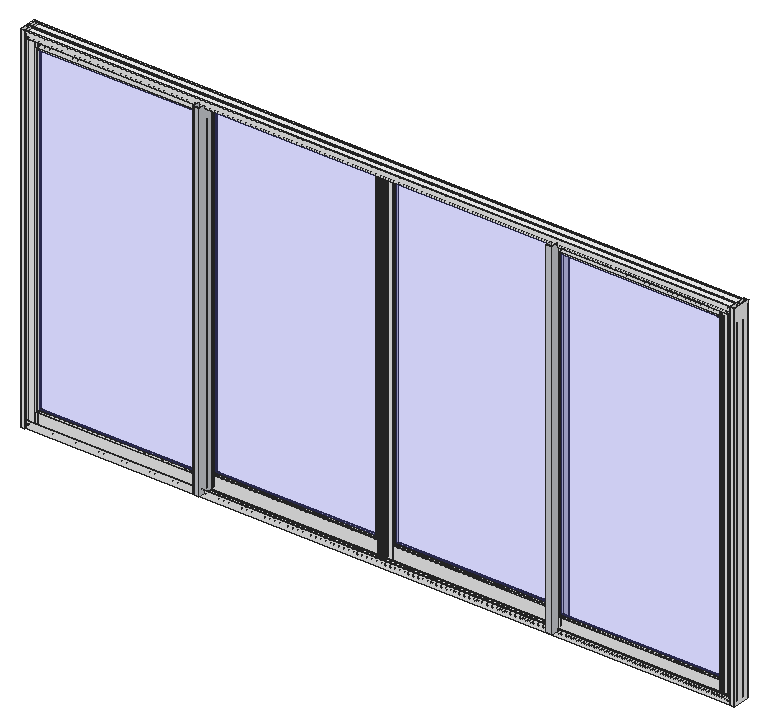
Revit family "Palace_Multi_OXXO_Standard", category Doors, host Wall, Revit 2014 (continued)
Definition of nested family "Palace_Sash_Fixed_Palace_OXXO_Std"
  Definition of nested family "Palace_Angled_Glazing_Bead"
    Automatic sketch dimensions
      Sweep 1 sketch curve to Sweep 1 sketch curve = 1.8 mm
      plane 1 "Center (Front/Back)" to Sweep 1 sketch curve = 1.922 mm
      Sweep 1 sketch curve to Sweep 1 sketch curve = 1.122 mm
      Sweep 1 sketch curve to Sweep 1 sketch curve = 2.5 mm
      plane 1 "Center (Front/Back)" to Sweep 1 sketch curve = 0.8 mm
      Sweep 1 sketch curve to Sweep 1 sketch curve = 0.456 mm
      Sweep 1 sketch curve to Sweep 1 sketch curve = 1.444 mm
      Sweep 1 sketch curve to Sweep 1 sketch curve = 0.924 mm
      Sweep 1 sketch curve to Sweep 1 sketch curve = 0.176 mm
      Sweep 1 sketch curve to Sweep 1 sketch curve = 1.862 mm
      Sweep 1 sketch curve to Sweep 1 sketch curve = 2.478 mm
      Sweep 1 sketch curve to plane 3 "Center (Left/Right)" = 0 mm
      Sweep 1 sketch curve to level = 0 mm
  Definition of nested family "Palace_Double_Glazing_Bead"
    Parameters (values of type "Palace_Double_Glazing_Bead")
      Profile Material [instance] = none
      Bead Width [instance] = 600 mm
      Bead Height [instance] = 900 mm
    Reference planes
      plane 1 "Center (Front/Back)": y = 0
      plane 2: z = 0
      plane 3 "Center (Left/Right)": x = 0
    Forms (mm)
      Sweep 1, solid, material <- "Profile Material"
        path origin (0, 0, 0) x (1, 0, 0) y (0, 0, 1)
          loop
            line (0, 0) -> (600, 0) -> (600, 900) -> (0, 900) -> (0, 0)
        profile origin (300, 0, 0) x (0, 0, 1) y (0, -1, 0)
          loop
            line (1.6, 21.9) -> (7.5, 21.9) -> (7.5, 18.8) -> (9.35, 18.8)
            arc (9.35, 18.8) -> (9.75, 19.2) -> (9.35, 19.6) r 0.4
            line (9.35, 19.6) -> (8.55, 19.6) -> (8.55, 21.9) -> (13.95, 21.9) -> (13.95, 19.6) -> (13.15, 19.6)
            arc (13.15, 19.6) -> (12.75, 19.2) -> (13.15, 18.8) r 0.4
            line (13.15, 18.8) -> (15, 18.8) -> (15, 23.5) -> (0, 23.5) -> (0, 15.9) -> (-1.387, 15.9) -> (-1.387, 16.7)
            arc (-1.387, 16.7) -> (-2.102, 16.411) -> (-2.4, 15.7) r 1
            line (-2.4, 15.7) -> (-2.4, 0.5)
            arc (-2.4, 0.5) -> (-1.9, 0) -> (-1.4, 0.5) r 0.5
            line (-1.4, 0.5) -> (-1.4, 3.5) -> (-0.4, 3.5) -> (-0.4, 14.5) -> (1.6, 14.5) -> (1.6, 21.9)
    Lines and regions (mm)
      symbolic lines
        curve 1: line (15, 0, 15) -> (15, 0, -3.262)
        curve 2: line (585, 0, 15) -> (585, 0, -2.637)
        curve 3: line (585, 0, 885) -> (585, 0, 902.012)
        curve 4: line (15, 0, 885) -> (15, 0, 902.325)
    Dimensions and locks
      "Bead Width": Sweep 1 sketch curve to Sweep 1 sketch curve
      "Bead Height": Sweep 1 sketch curve to Sweep 1 sketch curve
      aligned and locked: level to plane 2
      aligned and locked: Sweep 1 to curve 3  (x2)
      aligned and locked: Sweep 1 to curve 4
      aligned and locked: curve 4 to Sweep 1
      aligned and locked: Sweep 1 to curve 1
      aligned and locked: curve 1 to Sweep 1
      aligned and locked: Sweep 1 to curve 2
      aligned and locked: curve 2 to Sweep 1
    Automatic sketch dimensions
      profile plane to Sweep 1 sketch curve = 2.4 mm
      Sweep 1 sketch curve to Sweep 1 sketch curve = 0.5 mm
      Sweep 1 sketch curve to Sweep 1 sketch curve = 1 mm  (x2)
      Sweep 1 sketch curve to Sweep 1 sketch curve = 0.012 mm
      Sweep 1 sketch curve to Sweep 1 sketch curve = 1.387 mm
      Sweep 1 sketch curve to Sweep 1 sketch curve = 1.6 mm  (x2)
      Sweep 1 sketch curve to Sweep 1 sketch curve = 5.9 mm
      Sweep 1 sketch curve to Sweep 1 sketch curve = 1.05 mm  (x2)
      Sweep 1 sketch curve to Sweep 1 sketch curve = 0.8 mm  (x2)
      Sweep 1 sketch curve to Sweep 1 sketch curve = 3.8 mm
      Sweep 1 sketch curve to Sweep 1 sketch curve = 3 mm
      Sweep 1 sketch curve to Sweep 1 sketch curve = 11 mm
      Sweep 1 sketch curve to Sweep 1 sketch curve = 1.2 mm
      Sweep 1 sketch curve to Sweep 1 sketch curve = 0.2 mm
      Sweep 1 sketch curve to Sweep 1 sketch curve = 4.3 mm
      Sweep 1 sketch curve to Sweep 1 sketch curve = 0 mm  (x2)
      Sweep 1 sketch curve to Sweep 1 sketch curve = 0.4 mm  (x2)
      Sweep 1 sketch curve to Sweep 1 sketch curve = 2.3 mm
      plane 1 "Center (Front/Back)" to Sweep 1 sketch curve = 0.5 mm
      curve 1 to level = 3.262 mm
      curve 2 to level = 2.637 mm
      curve 4 to curve 4 = 17.325 mm
      curve 3 to curve 3 = 17.012 mm
      Sweep 1 sketch curve to plane 3 "Center (Left/Right)" = 0 mm
      Sweep 1 sketch curve to level = 0 mm
  Definition of nested family "Single_Glazing_Palace_OXXO_Std"
    Parameters (values of type "Single_Glazing")
      Glazing Width [instance] = 900 mm
      Glazing Height [instance] = 900 mm
      Right Sliding [instance] = yes
      Length Arrow Tip [instance] = if((Glazing Height - (2 * 50.3 mm)) / 8 > Length Arrow / 3.3, Length Arrow / 3.3, (Glazing Height - (2 * 50.3 mm)) / 8)  # 80.747 mm
      Length Arrow [instance] = (Glazing Width - (2 * 50.3 mm)) / 3  # 266.467 mm
      Left Sliding [instance] = yes
      Is Sliding [instance] = if(or(Right Sliding, Left Sliding), 1 = 1, 1 = 2)  # yes
      Glazing Thickness SG [instance] = 4 mm
      Glazing Material [instance] = Glass
      Double Glazing Gasket Material [instance] = none
      Arrow Tip Length [instance] = if((Glazing Height - (2 * 50.3 mm)) / 8 > Length Arrow / 3.3, Length Arrow / 3.3, (Glazing Height - (2 * 50.3 mm)) / 8)  # 80.747 mm
      Arrow Tip Angle = 45.00°  # constant formula
      Arrow Left Gap [instance] = (Glazing Width - Length Arrow) / 2  # 316.767 mm
      Arrow Bottom Gap [instance] = Glazing Height / 2  # 450 mm
    Reference planes
      plane 1 "Center (Front/Back)": y = 0
      plane 2: z = 0
      plane 3 "Center (Left/Right)": x = 0
    Forms (mm)
      Extrusion 1, solid, material "Glass" <- "Glazing Material"
        sketch origin (0, 0, 0) x (1, 0, 0) y (0, 0, 1)
          loop
            line (0, 0) -> (0, 900) -> (-900, 900) -> (-900, 0) -> (0, 0)
        from 0 to 4 <- "Glazing Thickness SG"
    Lines and regions (mm)
      model lines, visible <- "Is Sliding"
        curve 1: line (-583.233, -4, 450) -> (-316.767, -4, 450)
      model lines, visible <- "Left Sliding"
        curve 2: line (-316.767, -4, 450) -> (-373.864, -4, 507.097)
        curve 3: line (-316.767, -4, 450) -> (-373.864, -4, 392.903)
      model lines, visible <- "Right Sliding"
        curve 4: line (-583.233, -4, 450) -> (-526.136, -4, 507.097)
        curve 5: line (-583.233, -4, 450) -> (-526.136, -4, 392.903)
    Dimensions and locks
      "Length Arrow": curve 1 to curve 1
      "Arrow Left Gap": plane 3 "Center (Left/Right)" to curve 1
      "Arrow Bottom Gap": level to curve 1
      "Arrow Tip Length": curve 3 to curve 2
      "Arrow Tip Length": curve 3 to curve 3
      "Length Arrow Tip": curve 5 to curve 5
      "Length Arrow Tip": curve 5 to curve 4
      "Glazing Width": plane 3 "Center (Left/Right)" to Extrusion 1 sketch curve
      "Glazing Height": Extrusion 1 sketch curve to level
      "Arrow Tip Angle": angle curve 3 to curve 1
      "Arrow Tip Angle": angle curve 1 to curve 2
      "Arrow Tip Angle": angle curve 4 to curve 1
      "Arrow Tip Angle": angle curve 1 to curve 5
      aligned and locked: level to plane 2
      aligned and locked: Extrusion 1 sketch curve to plane 3 "Center (Left/Right)"
      aligned and locked: level to Extrusion 1 sketch curve
  Definition of nested family "Double_Glazing_Palace_OXXO_Std"
    Parameters (values of type "Double_Glazing")
      Glazing Width [instance] = 600 mm
      Glazing Height [instance] = 600 mm
      Right Sliding [instance] = yes
      Length Arrow Tip [instance] = if((Glazing Height - (2 * 50.3 mm)) / 8 > Length Arrow / 3.3, Length Arrow / 3.3, (Glazing Height - (2 * 50.3 mm)) / 8)  # 50.444 mm
      Length Arrow [instance] = (Glazing Width - (2 * 50.3 mm)) / 3  # 166.467 mm
      Left Sliding [instance] = yes
      Is Sliding [instance] = if(or(Right Sliding, Left Sliding), 1 = 1, 1 = 2)  # yes
      Glazing Thickness DG [instance] = 4 mm
      Glazing Material [instance] = Glass
      Double Glazing Gasket Thickness [instance] = 12 mm
      Double Glazing Gasket Material [instance] = none
      Arrow Tip Length [instance] = if((Glazing Height - (2 * 50.3 mm)) / 8 > Length Arrow / 3.3, Length Arrow / 3.3, (Glazing Height - (2 * 50.3 mm)) / 8)  # 50.444 mm
      Arrow Tip Angle = 45.00°  # constant formula
      Arrow Left Gap [instance] = (Glazing Width - Length Arrow) / 2  # 216.767 mm
      Arrow Bottom Gap [instance] = Glazing Height / 2  # 300 mm
    Reference planes
      plane 1 "Center (Front/Back)": y = 0
      plane 2: z = 0
      plane 3 "Center (Left/Right)": x = 0
    Forms (mm)
      Extrusion 1, solid, material "Glass" <- "Glazing Material"
        sketch origin (0, 0, 0) x (1, 0, 0) y (0, 0, 1)
          loop
            line (0, 0) -> (0, 600) -> (-600, 600) -> (-600, 0) -> (0, 0)
        from 0 to 4 <- "Glazing Thickness DG"
      Extrusion 2, solid, material <- "Double Glazing Gasket Material"
        sketch origin (0, -4, 0) x (1, 0, 0) y (0, 0, 1)
          loop
            line (-600, 600) -> (-600, 0) -> (0, 0) -> (0, 600) -> (-600, 600)
          loop
            line (-592, 8) -> (-8, 8) -> (-8, 592) -> (-592, 592) -> (-592, 8)
        from 0 to 12 <- "Double Glazing Gasket Thickness"
      Extrusion 3, solid, material "Glass" <- "Glazing Material"
        sketch origin (0, -16, 0) x (1, 0, 0) y (0, 0, 1)
          loop
            line (-600, 600) -> (-600, 0) -> (0, 0) -> (0, 600) -> (-600, 600)
        from 0 to 4 <- "Glazing Thickness DG"
    Lines and regions (mm)
      model lines, visible <- "Is Sliding"
        curve 1: line (-383.233, -20, 300) -> (-216.767, -20, 300)
      model lines, visible <- "Left Sliding"
        curve 2: line (-216.767, -20, 300) -> (-252.436, -20, 335.67)
        curve 3: line (-216.767, -20, 300) -> (-252.436, -20, 264.33)
      model lines, visible <- "Right Sliding"
        curve 4: line (-383.233, -20, 300) -> (-347.564, -20, 335.67)
        curve 5: line (-383.233, -20, 300) -> (-347.564, -20, 264.33)
    Dimensions and locks
      "Length Arrow": curve 1 to curve 1
      "Arrow Left Gap": plane 3 "Center (Left/Right)" to curve 1
      "Arrow Bottom Gap": level to curve 1
      "Arrow Tip Length": curve 3 to curve 2
      "Arrow Tip Length": curve 3 to curve 3
      "Length Arrow Tip": curve 5 to curve 5
      "Length Arrow Tip": curve 5 to curve 4
      "Glazing Width": plane 3 "Center (Left/Right)" to Extrusion 1 sketch curve
      "Glazing Height": Extrusion 1 sketch curve to level
      "Arrow Tip Angle": angle curve 3 to curve 1
      "Arrow Tip Angle": angle curve 1 to curve 2
      "Arrow Tip Angle": angle curve 4 to curve 1
      "Arrow Tip Angle": angle curve 1 to curve 5
      aligned and locked: level to plane 2
      aligned and locked: Extrusion 1 sketch curve to plane 3 "Center (Left/Right)"
      aligned and locked: level to Extrusion 1 sketch curve
      aligned and locked: Extrusion 2 sketch curve to Extrusion 1  (x4)
      aligned and locked: Extrusion 3 sketch curve to Extrusion 2  (x4)
    Automatic sketch dimensions
      Extrusion 2 sketch curve to Extrusion 1 = 8 mm  (x4)
  Definition of nested family "Palace_Heavy_Duty_Fixed_Interlocker"
    Parameters (values of type "Palace_Heavy_Duty_Fixed_Interlocker")
      Profile Material = none
      Length Interlocker [instance] = 250 mm
    Reference planes
      plane 1 "Center (Front/Back)": y = 0
      plane 2: z = 0
      plane 3 "Center (Left/Right)": x = 0
    Forms (mm)
      Extrusion 1, solid, material <- "Profile Material"
        sketch origin (0, 0, 0) x (1, 0, 0) y (0, 1, 0)
          loop
            arc (63.697, 110.567) -> (63.257, 111.628) -> (62.197, 112.067) r 1.5
            line (62.197, 112.067) -> (60.697, 112.067)
            arc (60.697, 112.067) -> (60.197, 111.567) -> (60.697, 111.067) r 0.5
            line (60.697, 111.067) -> (61.497, 111.067) -> (61.497, 109.867) -> (54.397, 109.867) -> (54.397, 111.067) -> (55.197, 111.067)
            arc (55.197, 111.067) -> (55.697, 111.567) -> (55.197, 112.067) r 0.5
            line (55.197, 112.067) -> (52.197, 112.067) -> (51.597, 111.567) -> (42.297, 111.567)
            arc (42.297, 111.567) -> (41.698, 111.009) -> (42.213, 110.373) r 0.6
            line (42.213, 110.373) -> (59.476, 107.934)
            arc (59.476, 107.934) -> (60.706, 107.265) -> (61.197, 105.954) r 2
            line (61.197, 105.954) -> (61.197, 103.267) -> (23.697, 103.267) -> (23.697, 93.576)
            arc (23.697, 93.576) -> (24.175, 93.076) -> (24.695, 93.532) r 0.5
            line (24.695, 93.532) -> (24.803, 94.767) -> (26.297, 94.767) -> (26.297, 76.267) -> (24.934, 76.267) -> (24.695, 79.002)
            arc (24.695, 79.002) -> (24.175, 79.458) -> (23.697, 78.958) r 0.5
            line (23.697, 78.958) -> (23.697, 66.067) -> (12.797, 66.067) -> (12.097, 65.667) -> (9.897, 65.667) -> (9.897, 66.967) -> (8.697, 66.967) -> (8.697, 64.267) -> (23.697, 64.267) -> (23.697, 8.267) -> (63.697, 8.267) -> (63.697, 110.567)
          loop
            line (25.697, 59.267) -> (25.697, 12.767) -> (61.697, 12.767) -> (61.697, 59.267) -> (25.697, 59.267)
          loop
            line (26.697, 74.467) -> (25.497, 74.467) -> (25.497, 61.067) -> (61.897, 61.067) -> (61.897, 101.267) -> (25.497, 101.267) -> (25.497, 96.567) -> (26.697, 96.567)
            arc (26.697, 96.567) -> (27.686, 96.157) -> (28.097, 95.167) r 1.4
            line (28.097, 95.167) -> (28.097, 75.867)
            arc (28.097, 75.867) -> (27.686, 74.877) -> (26.697, 74.467) r 1.4
        from 0 to 250 <- "Length Interlocker"
      Extrusion 2, void
        sketch origin (63.697, 102.967, 0) x (0, 1, 0) y (0, 0, -1)
          loop
            line (-52.2, 0) -> (-52.2, -19) -> (-46.4, -19) -> (-46.4, 0) -> (-52.2, 0)
          loop
            line (-52.2, -250) -> (-46.4, -250) -> (-46.4, -231) -> (-52.2, -231) -> (-52.2, -250)
        from 0 to 250
    Cuts and joins
      Extrusion 2 cuts Extrusion 1
    Dimensions and locks
      locked: Extrusion 2 sketch curve to Extrusion 1 at 42.5  (x2)
      locked: Extrusion 2 sketch curve to Extrusion 2 sketch curve at 5.8  (x2)
      locked: Extrusion 2 sketch curve to Extrusion 2 sketch curve at 19  (x2)
      aligned and locked: level to plane 2
      aligned and locked: Extrusion 1 to Extrusion 2 sketch curve
      aligned and locked: Extrusion 2 sketch curve to Extrusion 1
Definition of nested family "Palace_Sash_Meeting_Palace_OXXO_Std"
  Parameters (values of type "Palace_Sash_Meeting")
    Standard Interlocker [instance] = if(or(Interlock Configuration = 0 mm, Interlock Configuration = 1 mm), 1 = 1, 1 = 0)  # yes
    Standard Astragal [instance] = if(Has Astragal, if(Meeting Stile Configuration = 0 mm, 1 = 1, 1 = 0), 1 = 0)  # yes
    Single Glazing [instance] = not(Double Glazing)  # yes
    Sill Height = 85 mm
    SG Exterior Offset [instance] = Back Glazing Pillar Gap - SG Available Space + ((SG Available Space - Glazing Thickness SG) / 2)  # 27.85 mm
    SG Available Space = 12.9 mm  # constant formula
    Meeting Stile Configuration [instance] = 0 mm
    Length Jamb & Interlocker [instance] = Sash Height  # 900 mm
    Meeting Stile Width = 50 mm  # constant formula
    Heavy Duty Interlock [instance] = if(Interlock Configuration = 2 mm, 1 = 1, 1 = 0)  # no
    Interlocker Width = 40 mm  # constant formula
    Interlock Configuration [instance] = 1 mm
    Sash Width [instance] = 900 mm
    Sash Height [instance] = 900 mm
    Right Sliding [instance] = yes
    Profile Material [instance] = White Powder Coated Aluminium ANP 1052
    Length Sash Head & Sill [instance] = Sash Width - Interlocker Width - Meeting Stile Width  # 810 mm
    Left Sliding [instance] = yes
    Is Sliding [instance] = if(or(Right Sliding, Left Sliding), 1 = 1, 1 = 2)  # yes
    Heavy Duty Astragal [instance] = if(Has Astragal, if(Meeting Stile Configuration = 1 mm, 1 = 1, 1 = 0), 1 = 0)  # no
    Head Height = 50 mm  # constant formula
    Has Astragal [instance] = yes
    Glazing Width [instance] = Sash Width - Glazing Jamb Gap - Glazing Interlocker Gap  # 800 mm
    Glazing Thickness DG [instance] = 3 mm
    Glazing Thickness SG [instance] = 4 mm
    Glazing Spacer = 5 mm  # constant formula
    Glazing Sill Gap = Sill Height + Glazing Spacer  # 90 mm
    Glazing Material [instance] = Glass
    Glazing Jamb Gap = Meeting Stile Width + Glazing Spacer  # 55 mm
    Glazing Interlocker Gap = Interlocker Width + Glazing Spacer  # 45 mm
    Glazing Height [instance] = Sash Height - Glazing Head Gap - Glazing Sill Gap  # 755 mm
    Glazing Head Gap = Head Height + Glazing Spacer  # 55 mm
    DG Gasket Thickness [instance] = 12 mm
    Double Glazing Gasket Material [instance] = none
    Double Glazing [instance] = no
    DG Exterior Offset [instance] = Back Glazing Pillar Gap - DG Available Space + ((DG Available Space - ((Glazing Thickness DG * 2) + DG Gasket Thickness)) / 2)  # 12.9 mm
    DG Available Space = 28.8 mm  # constant formula
    Bead Width [instance] = Sash Width - Interlocker Width - Meeting Stile Width  # 810 mm
    Bead Height [instance] = Sash Height - Sill Height - Head Height  # 765 mm
    Bead Gap From Exterior = 10.4 mm  # constant formula
    Back Glazing Pillar Gap = 36.3 mm  # constant formula
  Reference planes
    plane 1 "Center (Front/Back)": y = 0
    plane 2: z = 0
    plane 3 "Center (Left/Right)": x = 0
  Dimensions and locks
    "Interlocker Width": nested 1 to plane 3 "Center (Left/Right)"
    "Interlocker Width": nested 2 to plane 3 "Center (Left/Right)"
    "Sash Height": nested 2 to level
    "Interlocker Width": nested 3 to plane 3 "Center (Left/Right)"
    "Sill Height": nested 3 to level
    "Bead Gap From Exterior": nested 3 to plane 1 "Center (Front/Back)"
    "Interlocker Width": nested 4 to plane 3 "Center (Left/Right)"
    "Bead Gap From Exterior": nested 4 to plane 1 "Center (Front/Back)"
    "Sill Height": nested 4 to level
    "Glazing Interlocker Gap": nested 5 to plane 3 "Center (Left/Right)"
    "Glazing Sill Gap": nested 5 to level
    "SG Exterior Offset": nested 5 to plane 1 "Center (Front/Back)"
    "Glazing Interlocker Gap": nested 6 to plane 3 "Center (Left/Right)"
    "DG Exterior Offset": nested 6 to plane 1 "Center (Front/Back)"
    "Glazing Sill Gap": nested 6 to level
    "Sash Width": nested 9 to plane 3 "Center (Left/Right)"
    "Sash Width": nested 10 to plane 3 "Center (Left/Right)"
    "Sash Width": nested 11 to plane 3 "Center (Left/Right)"
    aligned and locked: level to plane 2
    aligned and locked: nested 1 to plane 1 "Center (Front/Back)"
    aligned and locked: nested 2 to plane 1 "Center (Front/Back)"
    aligned and locked: nested 1 to level
    aligned and locked: nested 7 to plane 1 "Center (Front/Back)"
    aligned and locked: plane 3 "Center (Left/Right)" to nested 7
    aligned and locked: nested 7 to level
    aligned and locked: plane 3 "Center (Left/Right)" to nested 8
    aligned and locked: nested 8 to plane 1 "Center (Front/Back)"
    aligned and locked: nested 8 to level
    aligned and locked: nested 9 to plane 1 "Center (Front/Back)"
    aligned and locked: nested 9 to level
    aligned and locked: nested 10 to plane 1 "Center (Front/Back)"
    aligned and locked: nested 10 to level
    aligned and locked: nested 11 to plane 1 "Center (Front/Back)"
    aligned and locked: nested 11 to level
  Nested families
    nested 1: "Palace_Sash_Sill" at (-850, -51.791, -7.573), Profile Material <- "Profile Material", Length Sill <- "Length Sash Head & Sill", type "Palace_Sash_Sill"
      with Profile Material White Powder Coated Aluminium ANP 1052, Length Sill 810 mm
    nested 2: "Palace_Sash_Head" at (-850, -69.85, 642.265), Length Head <- "Length Sash Head & Sill", Profile Material <- "Profile Material", type "Palace_Sash_Head"
      with Profile Material White Powder Coated Aluminium ANP 1052, Length Head 810 mm
    nested 3: "Palace_Angled_Glazing_Bead" at (-40, -23.399, 85) x (-1, 0, 0) z (0, 0, 1), Bead Width <- "Bead Width", Bead Height <- "Bead Height", Profile Material <- "Profile Material", visible <- "Single Glazing", type "Palace_Angled_Glazing_Bead"
      with Profile Material White Powder Coated Aluminium ANP 1052, Bead Width 810 mm, Bead Height 765 mm
    nested 4: "Palace_Double_Glazing_Bead" at (-40, -26.3, 85) x (-1, 0, 0) z (0, 0, 1), Bead Width <- "Bead Width", Bead Height <- "Bead Height", Profile Material <- "Profile Material", visible <- "Double Glazing", type "Palace_Double_Glazing_Bead"
      with Profile Material White Powder Coated Aluminium ANP 1052, Bead Width 810 mm, Bead Height 765 mm
    nested 5: "Single_Glazing_Palace_OXXO_Std" at (-845, -31.85, 90) x (-1, 0, 0) z (0, 0, 1), Right Sliding <- "Right Sliding", Left Sliding <- "Left Sliding", Glazing Width <- "Glazing Width", Glazing Height <- "Glazing Height", Double Glazing Gasket Material <- "Double Glazing Gasket Material", Glazing Material <- "Glazing Material", Glazing Thickness SG <- "Glazing Thickness SG", visible <- "Single Glazing", type "Single_Glazing_Palace_OXXO_Std"
      with Right Sliding yes, Length Arrow Tip 70.646 mm, Length Arrow 233.133 mm, Left Sliding yes, Is Sliding yes, Glazing Width 800 mm, Glazing Thickness SG 4 mm, Glazing Material Glass, Glazing Height 755 mm, Double Glazing Gasket Material none, Arrow Tip Length 70.646 mm, Arrow Left Gap 283.433 mm, Arrow Bottom Gap 377.5 mm
    nested 6: "Double_Glazing_Palace_OXXO_Std" at (-845, -30.9, 90) x (-1, 0, 0) z (0, 0, 1), Glazing Width <- "Glazing Width", Glazing Height <- "Glazing Height", Glazing Material <- "Glazing Material", Double Glazing Gasket Material <- "Double Glazing Gasket Material", Double Glazing Gasket Thickness <- "DG Gasket Thickness", Glazing Thickness DG <- "Glazing Thickness DG", visible <- "Double Glazing", Right Sliding <- "Right Sliding", Left Sliding <- "Left Sliding", type "Double_Glazing_Palace_OXXO_Std"
      with Right Sliding yes, Length Arrow Tip 70.646 mm, Length Arrow 233.133 mm, Left Sliding yes, Is Sliding yes, Glazing Width 800 mm, Glazing Thickness DG 3 mm, Glazing Material Glass, Glazing Height 755 mm, Double Glazing Gasket Thickness 12 mm, Double Glazing Gasket Material none, Arrow Tip Length 70.646 mm, Arrow Left Gap 283.433 mm, Arrow Bottom Gap 377.5 mm
    nested 7: "Palace_Sliding_Interlocker" at (-86.142, -119.741, 0), Profile Material <- "Profile Material", Length Interlocker <- "Length Jamb & Interlocker", visible <- "Standard Interlocker", type "Palace_Sliding_Interlocker"
      with Profile Material White Powder Coated Aluminium ANP 1052, Length Interlocker 900 mm
    nested 8: "Palace_Heavy_Duty_Sliding_Interlocker" at (-83.599, -157.115, 0), Profile Material <- "Profile Material", Length Interlocker <- "Length Jamb & Interlocker", visible <- "Heavy Duty Interlock", type "Palace_Heavy_Duty_Sliding_Interlocker"
      with Profile Material White Powder Coated Aluminium ANP 1052, Length Interlocker 900 mm
    nested 9: "Palace_Sash_Meeting_Stile" at (-907.649, 10.031, 0) x (0, -1, 0) z (0, 0, 1), Length Meeting Stile <- "Length Jamb & Interlocker", Profile Material <- "Profile Material", type "Palace_Sash_Meeting_Stile"
      with Profile Material White Powder Coated Aluminium ANP 1052, Length Meeting Stile 900 mm
    nested 10: "Palace_Heavy_Duty_Astragal" at (-883.247, 40.237, 0) x (-1, 0, 0) z (0, 0, 1), Length Heavy Duty Astragal <- "Length Jamb & Interlocker", Profile Material <- "Profile Material", visible <- "Heavy Duty Astragal", type "Palace_Heavy_Duty_Astragal"
      with Profile Material White Powder Coated Aluminium ANP 1052, Length Heavy Duty Astragal 900 mm
    nested 11: "Palace_Astragal" at (-874.949, 16.967, 0) x (-1, 0, 0) z (0, 0, 1), Length Astragal <- "Length Jamb & Interlocker", Profile Material <- "Profile Material", visible <- "Standard Astragal", type "Palace_Astragal"
      with Profile Material White Powder Coated Aluminium ANP 1052, Length Astragal 900 mm
  Definition of nested family "Palace_Sash_Sill"
    Parameters (values of type "Palace_Sash_Sill")
      Profile Material [instance] = none
      Length Sill [instance] = 250 mm
      Cutout Width = 15 mm  # constant formula
    Reference planes
      plane 1 "Center (Front/Back)": y = 0
      plane 2: z = 0
      plane 3 "Center (Left/Right)": x = 0
    Forms (mm)
      Extrusion 1, solid, material <- "Profile Material"
        sketch origin (0, 0, 0) x (0, 1, 0) y (0, 0, 1)
          loop
            line (7.791, 7.573) -> (9.591, 7.573) -> (9.591, 9.573) -> (12.691, 9.573) -> (12.691, 11.173) -> (9.581, 11.173) -> (9.581, 23.69) -> (10.091, 24.653) -> (10.091, 27.573) -> (49.486, 27.573) -> (49.486, 24.587) -> (50.041, 23.54) -> (50.041, 11.173) -> (46.891, 11.173) -> (46.891, 9.573) -> (49.991, 9.573) -> (49.991, 7.573) -> (51.791, 7.573) -> (51.791, 92.573) -> (42.095, 92.573)
            arc (42.095, 92.573) -> (41.595, 92.095) -> (42.051, 91.575) r 0.5
            line (42.051, 91.575) -> (43.286, 91.467) -> (43.286, 89.973) -> (24.786, 89.973) -> (24.786, 91.335) -> (27.521, 91.575)
            arc (27.521, 91.575) -> (27.977, 92.095) -> (27.477, 92.573) r 0.5
            line (27.477, 92.573) -> (14.586, 92.573) -> (14.586, 103.473) -> (14.186, 104.173) -> (14.186, 106.373) -> (15.486, 106.373) -> (15.486, 107.573) -> (12.786, 107.573) -> (12.786, 92.573) -> (7.791, 92.573) -> (7.791, 7.573)
          loop
            line (9.581, 90.773) -> (9.581, 29.373) -> (50, 29.373) -> (50, 90.773) -> (45.086, 90.773) -> (45.086, 89.573)
            arc (45.086, 89.573) -> (44.676, 88.583) -> (43.686, 88.173) r 1.4
            line (43.686, 88.173) -> (24.386, 88.173)
            arc (24.386, 88.173) -> (23.396, 88.583) -> (22.986, 89.573) r 1.4
            line (22.986, 89.573) -> (22.986, 90.773) -> (9.581, 90.773)
        from 0 to 250 <- "Length Sill"
      Extrusion 2, void
        sketch origin (0, 0, 0) x (1, 0, 0) y (0, 1, 0)
          loop
            line (0, 15.486) -> (0, 12.786) -> (15, 12.786) -> (15, 15.486) -> (0, 15.486)
          loop
            line (235, 15.486) -> (235, 12.786) -> (250, 12.786) -> (250, 15.486) -> (235, 15.486)
        from 0 to 250
    Cuts and joins
      Extrusion 2 cuts Extrusion 1
    Dimensions and locks
      "Cutout Width": Extrusion 1 to Extrusion 2 sketch curve
      "Cutout Width": Extrusion 2 sketch curve to Extrusion 1
      aligned and locked: level to plane 2
      aligned and locked: Extrusion 2 sketch curve to Extrusion 1  (x6)
    Automatic sketch dimensions
      Extrusion 1 sketch curve to plane 1 "Center (Front/Back)" = 7.791 mm
      Extrusion 1 sketch curve to plane 1 "Center (Front/Back)" = 9.581 mm
      Extrusion 1 sketch curve to Extrusion 1 sketch curve = 0 mm
      Extrusion 1 sketch curve to Extrusion 1 sketch curve = 0.01 mm
      Extrusion 1 sketch curve to Extrusion 1 sketch curve = 0.51 mm
      Extrusion 1 sketch curve to Extrusion 1 sketch curve = 3.11 mm
      Extrusion 1 sketch curve to Extrusion 1 sketch curve = 3.205 mm
      Extrusion 1 sketch curve to Extrusion 1 sketch curve = 1.4 mm  (x3)
      Extrusion 1 sketch curve to Extrusion 1 sketch curve = 1.8 mm  (x4)
      Extrusion 1 sketch curve to Extrusion 1 sketch curve = 1.3 mm
      Extrusion 1 sketch curve to Extrusion 1 sketch curve = 8.4 mm
      Extrusion 1 sketch curve to Extrusion 1 sketch curve = 0.4 mm  (x3)
      Extrusion 1 sketch curve to Extrusion 1 sketch curve = 2.691 mm
      Extrusion 1 sketch curve to Extrusion 1 sketch curve = 0.044 mm  (x2)
      Extrusion 1 sketch curve to Extrusion 1 sketch curve = 14.53 mm
      Extrusion 1 sketch curve to Extrusion 1 sketch curve = 1.235 mm
      level to Extrusion 1 sketch curve = 9.573 mm
      Extrusion 1 sketch curve to Extrusion 1 sketch curve = 34.2 mm
      Extrusion 1 sketch curve to Extrusion 1 sketch curve = 2.596 mm
      Extrusion 1 sketch curve to Extrusion 1 sketch curve = 3.1 mm
      Extrusion 1 sketch curve to Extrusion 1 sketch curve = 4.914 mm
      Extrusion 1 sketch curve to Extrusion 1 sketch curve = 0.05 mm
      level to Extrusion 1 sketch curve = 7.573 mm
      Extrusion 1 sketch curve to Extrusion 1 sketch curve = 2 mm  (x2)
      Extrusion 1 sketch curve to Extrusion 1 sketch curve = 1.6 mm  (x2)
      Extrusion 1 sketch curve to Extrusion 1 sketch curve = 12.367 mm
      Extrusion 1 sketch curve to Extrusion 1 sketch curve = 12.517 mm
      Extrusion 1 sketch curve to Extrusion 1 sketch curve = 1.048 mm
      Extrusion 1 sketch curve to Extrusion 1 sketch curve = 0.963 mm
      Extrusion 1 sketch curve to Extrusion 1 sketch curve = 2.92 mm
      Extrusion 1 sketch curve to Extrusion 1 sketch curve = 58.8 mm
      Extrusion 1 sketch curve to Extrusion 1 sketch curve = 1.2 mm  (x3)
      Extrusion 1 sketch curve to Extrusion 1 sketch curve = 1.363 mm
      Extrusion 1 sketch curve to Extrusion 1 sketch curve = 1.494 mm
      Extrusion 1 sketch curve to Extrusion 1 sketch curve = 0.239 mm
      Extrusion 1 sketch curve to Extrusion 1 sketch curve = 0.108 mm
      Extrusion 1 sketch curve to Extrusion 1 sketch curve = 0.498 mm  (x2)
      Extrusion 1 sketch curve to Extrusion 1 sketch curve = 10.9 mm
      Extrusion 1 sketch curve to Extrusion 1 sketch curve = 0.7 mm
      Extrusion 1 sketch curve to Extrusion 1 sketch curve = 2.2 mm
  Definition of nested family "Palace_Sash_Head"
    Parameters (values of type "Palace_Sash_Head")
      Profile Material [instance] = none
      Length Head [instance] = 250 mm
      Cutout Width = 15 mm  # constant formula
    Reference planes
      plane 1 "Center (Front/Back)": y = 0
      plane 2: z = 0
      plane 3 "Center (Left/Right)": x = 0
    Forms (mm)
      Extrusion 1, solid, material <- "Profile Material"
        sketch origin (0, 0, 0) x (0, 1, 0) y (0, 0, 1)
          loop
            line (69.85, 257.735) -> (68.05, 257.735) -> (68.05, 255.735) -> (64.95, 255.735) -> (64.95, 254.135) -> (68.1, 254.135) -> (68.1, 241.768) -> (67.545, 240.72) -> (67.545, 237.735) -> (28.15, 237.735) -> (28.15, 240.654) -> (27.64, 241.618) -> (27.64, 254.135) -> (30.75, 254.135) -> (30.75, 255.735) -> (27.65, 255.735) -> (27.65, 257.735) -> (25.85, 257.735) -> (25.85, 207.735) -> (30.845, 207.735) -> (30.845, 192.735) -> (33.545, 192.735) -> (33.545, 193.935) -> (32.245, 193.935) -> (32.245, 196.135) -> (32.645, 196.835) -> (32.645, 207.735) -> (45.537, 207.735)
            arc (45.537, 207.735) -> (46.036, 208.213) -> (45.58, 208.733) r 0.5
            line (45.58, 208.733) -> (42.845, 208.972) -> (42.845, 210.335) -> (61.345, 210.335) -> (61.345, 208.841) -> (60.111, 208.733)
            arc (60.111, 208.733) -> (59.655, 208.213) -> (60.154, 207.735) r 0.5
            line (60.154, 207.735) -> (69.85, 207.735) -> (69.85, 257.735)
          loop
            line (27.64, 235.935) -> (27.64, 209.535) -> (41.045, 209.535) -> (41.045, 210.735)
            arc (41.045, 210.735) -> (41.455, 211.725) -> (42.445, 212.135) r 1.4
            line (42.445, 212.135) -> (61.745, 212.135)
            arc (61.745, 212.135) -> (62.735, 211.725) -> (63.145, 210.735) r 1.4
            line (63.145, 210.735) -> (63.145, 209.535) -> (68.06, 209.535) -> (68.06, 235.935) -> (27.64, 235.935)
        from 0 to 250 <- "Length Head"
      Extrusion 2, void
        sketch origin (0, 0, 0) x (1, 0, 0) y (0, 1, 0)
          loop
            line (250, 30.845) -> (250, 33.545) -> (235, 33.545) -> (235, 30.845) -> (250, 30.845)
          loop
            line (15, 33.545) -> (0, 33.545) -> (0, 30.845) -> (15, 30.845) -> (15, 33.545)
        from 0 to 250
    Cuts and joins
      Extrusion 2 cuts Extrusion 1
    Dimensions and locks
      "Cutout Width": Extrusion 1 to Extrusion 2 sketch curve
      "Cutout Width": Extrusion 2 sketch curve to Extrusion 1
      aligned and locked: level to plane 2
      aligned and locked: Extrusion 1 to Extrusion 2 sketch curve  (x2)
      aligned and locked: Extrusion 2 sketch curve to Extrusion 1  (x4)
    Automatic sketch dimensions
      Extrusion 1 sketch curve to plane 1 "Center (Front/Back)" = 25.85 mm
      Extrusion 1 sketch curve to Extrusion 1 sketch curve = 1.79 mm  (x2)
      Extrusion 1 sketch curve to Extrusion 1 sketch curve = 0 mm  (x2)
      Extrusion 1 sketch curve to Extrusion 1 sketch curve = 1.8 mm  (x3)
      Extrusion 1 sketch curve to Extrusion 1 sketch curve = 0.51 mm
      Extrusion 1 sketch curve to Extrusion 1 sketch curve = 3.1 mm  (x2)
      Extrusion 1 sketch curve to Extrusion 1 sketch curve = 3.205 mm
      Extrusion 1 sketch curve to Extrusion 1 sketch curve = 1.4 mm  (x3)
      Extrusion 1 sketch curve to Extrusion 1 sketch curve = 1.3 mm
      Extrusion 1 sketch curve to Extrusion 1 sketch curve = 8.4 mm
      Extrusion 1 sketch curve to Extrusion 1 sketch curve = 0.4 mm  (x3)
      Extrusion 1 sketch curve to Extrusion 1 sketch curve = 2.691 mm
      Extrusion 1 sketch curve to Extrusion 1 sketch curve = 0.044 mm  (x2)
      Extrusion 1 sketch curve to Extrusion 1 sketch curve = 14.53 mm
      Extrusion 1 sketch curve to Extrusion 1 sketch curve = 1.235 mm
      Extrusion 1 sketch curve to Extrusion 1 sketch curve = 34.2 mm
      Extrusion 1 sketch curve to Extrusion 1 sketch curve = 2.596 mm
      Extrusion 1 sketch curve to Extrusion 1 sketch curve = 4.914 mm
      Extrusion 1 sketch curve to Extrusion 1 sketch curve = 0.554 mm
      level to Extrusion 1 sketch curve = 192.735 mm
      Extrusion 1 sketch curve to Extrusion 1 sketch curve = 1.2 mm
      Extrusion 1 sketch curve to Extrusion 1 sketch curve = 2.2 mm
      Extrusion 1 sketch curve to Extrusion 1 sketch curve = 0.7 mm
      Extrusion 1 sketch curve to Extrusion 1 sketch curve = 10.9 mm  (x2)
      Extrusion 1 sketch curve to Extrusion 1 sketch curve = 0.5 mm  (x2)
      Extrusion 1 sketch curve to Extrusion 1 sketch curve = 0.108 mm
      Extrusion 1 sketch curve to Extrusion 1 sketch curve = 0.239 mm
      Extrusion 1 sketch curve to Extrusion 1 sketch curve = 0.563 mm
      Extrusion 1 sketch curve to Extrusion 1 sketch curve = 0.694 mm
      Extrusion 1 sketch curve to Extrusion 1 sketch curve = 1.363 mm
      Extrusion 1 sketch curve to Extrusion 1 sketch curve = 23.8 mm
      Extrusion 1 sketch curve to Extrusion 1 sketch curve = 2.92 mm
      Extrusion 1 sketch curve to Extrusion 1 sketch curve = 2.985 mm
      Extrusion 1 sketch curve to Extrusion 1 sketch curve = 0.963 mm
      Extrusion 1 sketch curve to Extrusion 1 sketch curve = 1.048 mm
      Extrusion 1 sketch curve to Extrusion 1 sketch curve = 12.367 mm
      Extrusion 1 sketch curve to Extrusion 1 sketch curve = 12.517 mm
      Extrusion 1 sketch curve to Extrusion 1 sketch curve = 1.6 mm  (x2)
      Extrusion 1 sketch curve to Extrusion 1 sketch curve = 2 mm  (x2)
  Definition of nested family "Palace_Angled_Glazing_Bead"
    Parameters (values of type "Palace_Angled_Glazing_Bead")
      Profile Material [instance] = none
      Bead Width [instance] = 1120 mm
      Bead Height [instance] = 1860 mm
    Reference planes
      plane 1 "Center (Front/Back)": y = 0
      plane 2: z = 0
      plane 3 "Center (Left/Right)": x = 0
    Forms (mm)
      Sweep 1, solid, material <- "Profile Material"
        path origin (0, 0, 0) x (1, 0, 0) y (0, 0, 1)
          loop
            line (0, 0) -> (1120, 0) -> (1120, 1860) -> (0, 1860) -> (0, 0)
        profile origin (560, 0, 0) x (0, 0, 1) y (0, -1, 0)
          loop
            line (7.999, 0.8) -> (7.999, 2.044) -> (10.199, 4.244) -> (12.521, 1.922) -> (11.399, 0.8) -> (10.599, 0.8) -> (10.599, 0) -> (14.999, 0) -> (14.999, 1) -> (0.793, 15.205) -> (0, 15.205) -> (0, 12.999) -> (-1.4, 12.999) -> (-1.4, 13.823)
            arc (-1.4, 13.823) -> (-2.107, 13.53) -> (-2.4, 12.823) r 1
            line (-2.4, 12.823) -> (-2.4, 11.899) -> (0.6, 11.899)
            arc (0.6, 11.899) -> (0.953, 12.045) -> (1.1, 12.399) r 0.5
            line (1.1, 12.399) -> (1.1, 13.343) -> (9.421, 5.022) -> (6.899, 2.5) -> (6.899, 1.1) -> (-1.6, 1.1)
            arc (-1.6, 1.1) -> (-2.165, 0.866) -> (-2.4, 0.3) r 0.8
            line (-2.4, 0.3) -> (-2.4, -2.5)
            arc (-2.4, -2.5) -> (-1.9, -3) -> (-1.4, -2.5) r 0.5
            line (-1.4, -2.5) -> (-1.4, 0) -> (8.799, 0) -> (8.799, 0.8) -> (7.999, 0.8)
    Dimensions and locks
      "Bead Width": Sweep 1 sketch curve to Sweep 1 sketch curve
      "Bead Height": Sweep 1 sketch curve to Sweep 1 sketch curve
      aligned and locked: level to plane 2
    Automatic sketch dimensions
      Sweep 1 sketch curve to plane 1 "Center (Front/Back)" = 0 mm  (x2)
      profile plane to Sweep 1 sketch curve = 0 mm
      profile plane to Sweep 1 sketch curve = 1.4 mm  (x2)
      Sweep 1 sketch curve to Sweep 1 sketch curve = 0.2 mm
      Sweep 1 sketch curve to Sweep 1 sketch curve = 0.5 mm  (x2)
      Sweep 1 sketch curve to Sweep 1 sketch curve = 1 mm  (x2)
      Sweep 1 sketch curve to profile plane = 0.6 mm
      Sweep 1 sketch curve to profile plane = 0.793 mm
      plane 1 "Center (Front/Back)" to Sweep 1 sketch curve = 1.1 mm
      Sweep 1 sketch curve to profile plane = 6.899 mm
      Sweep 1 sketch curve to Sweep 1 sketch curve = 1.1 mm
      Sweep 1 sketch curve to Sweep 1 sketch curve = 0.8 mm  (x2)
      Sweep 1 sketch curve to Sweep 1 sketch curve = 1.422 mm
      plane 1 "Center (Front/Back)" to Sweep 1 sketch curve = 4.244 mm
      Sweep 1 sketch curve to Sweep 1 sketch curve = 0.778 mm  (x2)
      Sweep 1 sketch curve to Sweep 1 sketch curve = 1.8 mm
      plane 1 "Center (Front/Back)" to Sweep 1 sketch curve = 1.922 mm
      Sweep 1 sketch curve to Sweep 1 sketch curve = 1.122 mm
      Sweep 1 sketch curve to Sweep 1 sketch curve = 2.5 mm
      plane 1 "Center (Front/Back)" to Sweep 1 sketch curve = 0.8 mm
      Sweep 1 sketch curve to Sweep 1 sketch curve = 0.456 mm
      Sweep 1 sketch curve to Sweep 1 sketch curve = 1.444 mm
      Sweep 1 sketch curve to Sweep 1 sketch curve = 0.924 mm
      Sweep 1 sketch curve to Sweep 1 sketch curve = 0.176 mm
      Sweep 1 sketch curve to Sweep 1 sketch curve = 1.862 mm
      Sweep 1 sketch curve to Sweep 1 sketch curve = 2.478 mm
      Sweep 1 sketch curve to plane 3 "Center (Left/Right)" = 0 mm
      Sweep 1 sketch curve to level = 0 mm
  Definition of nested family "Palace_Double_Glazing_Bead"
    Parameters (values of type "Palace_Double_Glazing_Bead")
      Profile Material [instance] = none
      Bead Width [instance] = 600 mm
      Bead Height [instance] = 900 mm
    Reference planes
      plane 1 "Center (Front/Back)": y = 0
      plane 2: z = 0
      plane 3 "Center (Left/Right)": x = 0
    Forms (mm)
      Sweep 1, solid, material <- "Profile Material"
        path origin (0, 0, 0) x (1, 0, 0) y (0, 0, 1)
          loop
            line (0, 0) -> (600, 0) -> (600, 900) -> (0, 900) -> (0, 0)
        profile origin (300, 0, 0) x (0, 0, 1) y (0, -1, 0)
          loop
            line (1.6, 21.9) -> (7.5, 21.9) -> (7.5, 18.8) -> (9.35, 18.8)
            arc (9.35, 18.8) -> (9.75, 19.2) -> (9.35, 19.6) r 0.4
            line (9.35, 19.6) -> (8.55, 19.6) -> (8.55, 21.9) -> (13.95, 21.9) -> (13.95, 19.6) -> (13.15, 19.6)
            arc (13.15, 19.6) -> (12.75, 19.2) -> (13.15, 18.8) r 0.4
            line (13.15, 18.8) -> (15, 18.8) -> (15, 23.5) -> (0, 23.5) -> (0, 15.9) -> (-1.387, 15.9) -> (-1.387, 16.7)
            arc (-1.387, 16.7) -> (-2.102, 16.411) -> (-2.4, 15.7) r 1
            line (-2.4, 15.7) -> (-2.4, 0.5)
            arc (-2.4, 0.5) -> (-1.9, 0) -> (-1.4, 0.5) r 0.5
            line (-1.4, 0.5) -> (-1.4, 3.5) -> (-0.4, 3.5) -> (-0.4, 14.5) -> (1.6, 14.5) -> (1.6, 21.9)
    Lines and regions (mm)
      symbolic lines
        curve 1: line (15, 0, 15) -> (15, 0, -3.262)
        curve 2: line (585, 0, 15) -> (585, 0, -2.637)
        curve 3: line (585, 0, 885) -> (585, 0, 902.012)
        curve 4: line (15, 0, 885) -> (15, 0, 902.325)
    Dimensions and locks
      "Bead Width": Sweep 1 sketch curve to Sweep 1 sketch curve
      "Bead Height": Sweep 1 sketch curve to Sweep 1 sketch curve
      aligned and locked: level to plane 2
      aligned and locked: Sweep 1 to curve 3  (x2)
      aligned and locked: Sweep 1 to curve 4
      aligned and locked: curve 4 to Sweep 1
      aligned and locked: Sweep 1 to curve 1
      aligned and locked: curve 1 to Sweep 1
      aligned and locked: Sweep 1 to curve 2
      aligned and locked: curve 2 to Sweep 1
    Automatic sketch dimensions
      profile plane to Sweep 1 sketch curve = 2.4 mm
      Sweep 1 sketch curve to Sweep 1 sketch curve = 0.5 mm
      Sweep 1 sketch curve to Sweep 1 sketch curve = 1 mm  (x2)
      Sweep 1 sketch curve to Sweep 1 sketch curve = 0.012 mm
      Sweep 1 sketch curve to Sweep 1 sketch curve = 1.387 mm
      Sweep 1 sketch curve to Sweep 1 sketch curve = 1.6 mm  (x2)
      Sweep 1 sketch curve to Sweep 1 sketch curve = 5.9 mm
      Sweep 1 sketch curve to Sweep 1 sketch curve = 1.05 mm  (x2)
      Sweep 1 sketch curve to Sweep 1 sketch curve = 0.8 mm  (x2)
      Sweep 1 sketch curve to Sweep 1 sketch curve = 3.8 mm
      Sweep 1 sketch curve to Sweep 1 sketch curve = 3 mm
      Sweep 1 sketch curve to Sweep 1 sketch curve = 11 mm
      Sweep 1 sketch curve to Sweep 1 sketch curve = 1.2 mm
      Sweep 1 sketch curve to Sweep 1 sketch curve = 0.2 mm
      Sweep 1 sketch curve to Sweep 1 sketch curve = 4.3 mm
      Sweep 1 sketch curve to Sweep 1 sketch curve = 0 mm  (x2)
      Sweep 1 sketch curve to Sweep 1 sketch curve = 0.4 mm  (x2)
      Sweep 1 sketch curve to Sweep 1 sketch curve = 2.3 mm
      plane 1 "Center (Front/Back)" to Sweep 1 sketch curve = 0.5 mm
      curve 1 to level = 3.262 mm
      curve 2 to level = 2.637 mm
      curve 4 to curve 4 = 17.325 mm
      curve 3 to curve 3 = 17.012 mm
      Sweep 1 sketch curve to plane 3 "Center (Left/Right)" = 0 mm
      Sweep 1 sketch curve to level = 0 mm
  Definition of nested family "Single_Glazing_Palace_OXXO_Std"
    Parameters (values of type "Single_Glazing")
      Glazing Width [instance] = 900 mm
      Glazing Height [instance] = 900 mm
      Right Sliding [instance] = yes
      Length Arrow Tip [instance] = if((Glazing Height - (2 * 50.3 mm)) / 8 > Length Arrow / 3.3, Length Arrow / 3.3, (Glazing Height - (2 * 50.3 mm)) / 8)  # 80.747 mm
      Length Arrow [instance] = (Glazing Width - (2 * 50.3 mm)) / 3  # 266.467 mm
      Left Sliding [instance] = yes
      Is Sliding [instance] = if(or(Right Sliding, Left Sliding), 1 = 1, 1 = 2)  # yes
      Glazing Thickness SG [instance] = 4 mm
      Glazing Material [instance] = Glass
      Double Glazing Gasket Material [instance] = none
      Arrow Tip Length [instance] = if((Glazing Height - (2 * 50.3 mm)) / 8 > Length Arrow / 3.3, Length Arrow / 3.3, (Glazing Height - (2 * 50.3 mm)) / 8)  # 80.747 mm
      Arrow Tip Angle = 45.00°  # constant formula
      Arrow Left Gap [instance] = (Glazing Width - Length Arrow) / 2  # 316.767 mm
      Arrow Bottom Gap [instance] = Glazing Height / 2  # 450 mm
    Reference planes
      plane 1 "Center (Front/Back)": y = 0
      plane 2: z = 0
      plane 3 "Center (Left/Right)": x = 0
    Forms (mm)
      Extrusion 1, solid, material "Glass" <- "Glazing Material"
        sketch origin (0, 0, 0) x (1, 0, 0) y (0, 0, 1)
          loop
            line (0, 0) -> (0, 900) -> (-900, 900) -> (-900, 0) -> (0, 0)
        from 0 to 4 <- "Glazing Thickness SG"
    Lines and regions (mm)
      model lines, visible <- "Is Sliding"
        curve 1: line (-583.233, -4, 450) -> (-316.767, -4, 450)
      model lines, visible <- "Left Sliding"
        curve 2: line (-316.767, -4, 450) -> (-373.864, -4, 507.097)
        curve 3: line (-316.767, -4, 450) -> (-373.864, -4, 392.903)
      model lines, visible <- "Right Sliding"
        curve 4: line (-583.233, -4, 450) -> (-526.136, -4, 507.097)
        curve 5: line (-583.233, -4, 450) -> (-526.136, -4, 392.903)
    Dimensions and locks
      "Length Arrow": curve 1 to curve 1
      "Arrow Left Gap": plane 3 "Center (Left/Right)" to curve 1
      "Arrow Bottom Gap": level to curve 1
      "Arrow Tip Length": curve 3 to curve 2
      "Arrow Tip Length": curve 3 to curve 3
      "Length Arrow Tip": curve 5 to curve 5
      "Length Arrow Tip": curve 5 to curve 4
      "Glazing Width": plane 3 "Center (Left/Right)" to Extrusion 1 sketch curve
      "Glazing Height": Extrusion 1 sketch curve to level
      "Arrow Tip Angle": angle curve 3 to curve 1
      "Arrow Tip Angle": angle curve 1 to curve 2
      "Arrow Tip Angle": angle curve 4 to curve 1
      "Arrow Tip Angle": angle curve 1 to curve 5
      aligned and locked: level to plane 2
      aligned and locked: Extrusion 1 sketch curve to plane 3 "Center (Left/Right)"
      aligned and locked: level to Extrusion 1 sketch curve
  Definition of nested family "Double_Glazing_Palace_OXXO_Std"
    Parameters (values of type "Double_Glazing")
      Glazing Width [instance] = 600 mm
      Glazing Height [instance] = 600 mm
      Right Sliding [instance] = yes
      Length Arrow Tip [instance] = if((Glazing Height - (2 * 50.3 mm)) / 8 > Length Arrow / 3.3, Length Arrow / 3.3, (Glazing Height - (2 * 50.3 mm)) / 8)  # 50.444 mm
      Length Arrow [instance] = (Glazing Width - (2 * 50.3 mm)) / 3  # 166.467 mm
      Left Sliding [instance] = yes
      Is Sliding [instance] = if(or(Right Sliding, Left Sliding), 1 = 1, 1 = 2)  # yes
      Glazing Thickness DG [instance] = 4 mm
      Glazing Material [instance] = Glass
      Double Glazing Gasket Thickness [instance] = 12 mm
      Double Glazing Gasket Material [instance] = none
      Arrow Tip Length [instance] = if((Glazing Height - (2 * 50.3 mm)) / 8 > Length Arrow / 3.3, Length Arrow / 3.3, (Glazing Height - (2 * 50.3 mm)) / 8)  # 50.444 mm
      Arrow Tip Angle = 45.00°  # constant formula
      Arrow Left Gap [instance] = (Glazing Width - Length Arrow) / 2  # 216.767 mm
      Arrow Bottom Gap [instance] = Glazing Height / 2  # 300 mm
    Reference planes
      plane 1 "Center (Front/Back)": y = 0
      plane 2: z = 0
      plane 3 "Center (Left/Right)": x = 0
    Forms (mm)
      Extrusion 1, solid, material "Glass" <- "Glazing Material"
        sketch origin (0, 0, 0) x (1, 0, 0) y (0, 0, 1)
          loop
            line (0, 0) -> (0, 600) -> (-600, 600) -> (-600, 0) -> (0, 0)
        from 0 to 4 <- "Glazing Thickness DG"
      Extrusion 2, solid, material <- "Double Glazing Gasket Material"
        sketch origin (0, -4, 0) x (1, 0, 0) y (0, 0, 1)
          loop
            line (-600, 600) -> (-600, 0) -> (0, 0) -> (0, 600) -> (-600, 600)
          loop
            line (-592, 8) -> (-8, 8) -> (-8, 592) -> (-592, 592) -> (-592, 8)
        from 0 to 12 <- "Double Glazing Gasket Thickness"
      Extrusion 3, solid, material "Glass" <- "Glazing Material"
        sketch origin (0, -16, 0) x (1, 0, 0) y (0, 0, 1)
          loop
            line (-600, 600) -> (-600, 0) -> (0, 0) -> (0, 600) -> (-600, 600)
        from 0 to 4 <- "Glazing Thickness DG"
    Lines and regions (mm)
      model lines, visible <- "Is Sliding"
        curve 1: line (-383.233, -20, 300) -> (-216.767, -20, 300)
      model lines, visible <- "Left Sliding"
        curve 2: line (-216.767, -20, 300) -> (-252.436, -20, 335.67)
        curve 3: line (-216.767, -20, 300) -> (-252.436, -20, 264.33)
      model lines, visible <- "Right Sliding"
        curve 4: line (-383.233, -20, 300) -> (-347.564, -20, 335.67)
        curve 5: line (-383.233, -20, 300) -> (-347.564, -20, 264.33)
    Dimensions and locks
      "Length Arrow": curve 1 to curve 1
      "Arrow Left Gap": plane 3 "Center (Left/Right)" to curve 1
      "Arrow Bottom Gap": level to curve 1
      "Arrow Tip Length": curve 3 to curve 2
      "Arrow Tip Length": curve 3 to curve 3
      "Length Arrow Tip": curve 5 to curve 5
      "Length Arrow Tip": curve 5 to curve 4
      "Glazing Width": plane 3 "Center (Left/Right)" to Extrusion 1 sketch curve
      "Glazing Height": Extrusion 1 sketch curve to level
      "Arrow Tip Angle": angle curve 3 to curve 1
      "Arrow Tip Angle": angle curve 1 to curve 2
      "Arrow Tip Angle": angle curve 4 to curve 1
      "Arrow Tip Angle": angle curve 1 to curve 5
      aligned and locked: level to plane 2
      aligned and locked: Extrusion 1 sketch curve to plane 3 "Center (Left/Right)"
      aligned and locked: level to Extrusion 1 sketch curve
      aligned and locked: Extrusion 2 sketch curve to Extrusion 1  (x4)
      aligned and locked: Extrusion 3 sketch curve to Extrusion 2  (x4)
    Automatic sketch dimensions
      Extrusion 2 sketch curve to Extrusion 1 = 8 mm  (x4)
  Definition of nested family "Palace_Sliding_Interlocker"
    Parameters (values of type "Palace_Sliding_Interlocker")
      Profile Material [instance] = none
      Length Interlocker [instance] = 250 mm
    Reference planes
      plane 1 "Center (Front/Back)": y = 0
      plane 2: z = 0
      plane 3 "Center (Left/Right)": x = 0
    Forms (mm)
      Extrusion 1, solid, material <- "Profile Material"
        sketch origin (0, 0, 0) x (1, 0, 0) y (0, 1, 0)
          loop
            line (84.342, 119.741) -> (46.142, 119.741) -> (46.142, 110.049)
            arc (46.142, 110.049) -> (46.62, 109.55) -> (47.14, 110.006) r 0.5
            line (47.14, 110.006) -> (47.248, 111.241) -> (48.742, 111.241) -> (48.742, 92.741) -> (47.38, 92.741) -> (47.14, 95.475)
            arc (47.14, 95.475) -> (46.62, 95.931) -> (46.142, 95.432) r 0.5
            line (46.142, 95.432) -> (46.142, 82.541) -> (35.242, 82.541) -> (34.542, 82.141) -> (32.342, 82.141) -> (32.342, 83.441) -> (31.142, 83.441) -> (31.142, 80.741) -> (46.142, 80.741) -> (46.142, 75.741) -> (74.142, 75.741) -> (74.142, 73.054)
            arc (74.142, 73.054) -> (73.652, 71.742) -> (72.422, 71.074) r 2
            line (72.422, 71.074) -> (55.158, 68.635)
            arc (55.158, 68.635) -> (54.644, 67.999) -> (55.242, 67.441) r 0.6
            line (55.242, 67.441) -> (64.542, 67.441) -> (65.142, 66.941) -> (68.142, 66.941)
            arc (68.142, 66.941) -> (68.642, 67.441) -> (68.142, 67.941) r 0.5
            line (68.142, 67.941) -> (67.342, 67.941) -> (67.342, 69.141) -> (74.442, 69.141) -> (74.442, 67.941) -> (73.642, 67.941)
            arc (73.642, 67.941) -> (73.142, 67.441) -> (73.642, 66.941) r 0.5
            line (73.642, 66.941) -> (75.142, 66.941)
            arc (75.142, 66.941) -> (76.203, 67.38) -> (76.642, 68.441) r 1.5
            line (76.642, 68.441) -> (76.642, 75.741) -> (84.342, 75.741)
            arc (84.342, 75.741) -> (85.615, 76.268) -> (86.142, 77.541) r 1.8
            line (86.142, 77.541) -> (86.142, 117.941)
            arc (86.142, 117.941) -> (85.615, 119.213) -> (84.342, 119.741) r 1.8
          loop
            line (49.142, 90.941) -> (47.942, 90.941) -> (47.942, 77.541) -> (84.342, 77.541) -> (84.342, 117.741) -> (47.942, 117.741) -> (47.942, 113.041) -> (49.142, 113.041)
            arc (49.142, 113.041) -> (50.132, 112.631) -> (50.542, 111.641) r 1.4
            line (50.542, 111.641) -> (50.542, 92.341)
            arc (50.542, 92.341) -> (50.132, 91.351) -> (49.142, 90.941) r 1.4
        from 0 to 250 <- "Length Interlocker"
    Dimensions and locks
      aligned and locked: level to plane 2
  Definition of nested family "Palace_Heavy_Duty_Sliding_Interlocker"
    Parameters (values of type "Palace_Heavy_Duty_Sliding_Interlocker")
      Profile Material [instance] = none
      Length Interlocker [instance] = 250 mm
    Reference planes
      plane 1 "Center (Front/Back)": y = 0
      plane 2: z = 0
      plane 3 "Center (Left/Right)": x = 0
    Forms (mm)
      Extrusion 1, solid, material <- "Profile Material"
        sketch origin (0, 0, 0) x (1, 0, 0) y (0, 1, 0)
          loop
            line (83.599, 114.915) -> (83.599, 208.115) -> (43.599, 208.115) -> (43.599, 147.423)
            arc (43.599, 147.423) -> (44.077, 146.924) -> (44.597, 147.38) r 0.5
            line (44.597, 147.38) -> (44.705, 148.615) -> (46.199, 148.615) -> (46.199, 130.115) -> (44.836, 130.115) -> (44.597, 132.85)
            arc (44.597, 132.85) -> (44.077, 133.305) -> (43.599, 132.806) r 0.5
            line (43.599, 132.806) -> (43.599, 119.915) -> (32.699, 119.915) -> (31.999, 119.515) -> (29.799, 119.515) -> (29.799, 120.815) -> (28.599, 120.815) -> (28.599, 118.115) -> (43.599, 118.115) -> (43.599, 113.115) -> (71.599, 113.115) -> (71.599, 110.428)
            arc (71.599, 110.428) -> (71.109, 109.117) -> (69.879, 108.448) r 2
            line (69.879, 108.448) -> (52.615, 106.009)
            arc (52.615, 106.009) -> (52.101, 105.373) -> (52.699, 104.815) r 0.6
            line (52.699, 104.815) -> (61.999, 104.815) -> (62.599, 104.315) -> (65.599, 104.315)
            arc (65.599, 104.315) -> (66.099, 104.815) -> (65.599, 105.315) r 0.5
            line (65.599, 105.315) -> (64.799, 105.315) -> (64.799, 106.515) -> (71.899, 106.515) -> (71.899, 105.315) -> (71.099, 105.315)
            arc (71.099, 105.315) -> (70.599, 104.815) -> (71.099, 104.315) r 0.5
            line (71.099, 104.315) -> (72.599, 104.315)
            arc (72.599, 104.315) -> (73.66, 104.754) -> (74.099, 105.815) r 1.5
            line (74.099, 105.815) -> (74.099, 113.115) -> (81.799, 113.115)
            arc (81.799, 113.115) -> (83.072, 113.642) -> (83.599, 114.915) r 1.8
          loop
            line (46.599, 128.315) -> (45.399, 128.315) -> (45.399, 114.915) -> (81.799, 114.915) -> (81.799, 155.115) -> (45.399, 155.115) -> (45.399, 150.415) -> (46.599, 150.415)
            arc (46.599, 150.415) -> (47.589, 150.005) -> (47.999, 149.015) r 1.4
            line (47.999, 149.015) -> (47.999, 129.715)
            arc (47.999, 129.715) -> (47.589, 128.725) -> (46.599, 128.315) r 1.4
          loop
            line (45.599, 157.115) -> (81.599, 157.115) -> (81.599, 203.615) -> (45.599, 203.615) -> (45.599, 157.115)
        from 0 to 250 <- "Length Interlocker"
    Dimensions and locks
      aligned and locked: level to plane 2
  Definition of nested family "Palace_Sash_Meeting_Stile"
    Parameters (values of type "Palace_Sash_Meeting_Stile")
      Profile Material [instance] = none
      Length Meeting Stile [instance] = 250 mm
    Reference planes
      plane 1 "Center (Front/Back)": y = 0
      plane 2: z = 0
      plane 3 "Center (Left/Right)": x = 0
    Forms (mm)
      Extrusion 1, solid, material <- "Profile Material"
        sketch origin (0, 0, 0) x (1, 0, 0) y (0, 1, 0)
          loop
            arc (16.931, 20.449) -> (18.346, 19.863) -> (18.931, 18.449) r 2
            line (18.931, 18.449) -> (18.931, 14.149) -> (20.631, 14.149) -> (20.631, 12.949) -> (18.331, 12.949) -> (18.331, 9.449) -> (45.731, 9.449) -> (45.731, 12.949) -> (43.431, 12.949) -> (43.431, 14.149) -> (45.131, 14.149) -> (45.131, 18.449)
            arc (45.131, 18.449) -> (45.717, 19.863) -> (47.131, 20.449) r 2
            line (47.131, 20.449) -> (52.131, 20.449) -> (52.131, 55.849) -> (38.831, 55.849) -> (38.831, 54.649)
            arc (38.831, 54.649) -> (38.421, 53.659) -> (37.431, 53.249) r 1.4
            line (37.431, 53.249) -> (18.131, 53.249)
            arc (18.131, 53.249) -> (17.142, 53.659) -> (16.731, 54.649) r 1.4
            line (16.731, 54.649) -> (16.731, 55.849) -> (11.931, 55.849) -> (11.931, 20.449) -> (16.931, 20.449)
          loop
            line (47.731, 18.649) -> (54.031, 18.649) -> (54.031, 57.649) -> (49.031, 57.649) -> (49.031, 72.649) -> (46.331, 72.649) -> (46.331, 71.449) -> (47.631, 71.449) -> (47.631, 69.249) -> (47.231, 68.549) -> (47.231, 57.649) -> (34.34, 57.649)
            arc (34.34, 57.649) -> (33.841, 57.17) -> (34.297, 56.651) r 0.5
            line (34.297, 56.651) -> (37.031, 56.411) -> (37.031, 55.049) -> (18.531, 55.049) -> (18.531, 56.543) -> (19.766, 56.651)
            arc (19.766, 56.651) -> (20.222, 57.17) -> (19.723, 57.649) r 0.5
            line (19.723, 57.649) -> (10.031, 57.649) -> (10.031, 18.649) -> (16.331, 18.649)
            arc (16.331, 18.649) -> (17.039, 18.356) -> (17.331, 17.649) r 1
            line (17.331, 17.649) -> (17.331, 15.349) -> (16.531, 15.349) -> (16.531, 9.149)
            arc (16.531, 9.149) -> (16.971, 8.088) -> (18.031, 7.649) r 1.5
            line (18.031, 7.649) -> (46.031, 7.649)
            arc (46.031, 7.649) -> (47.092, 8.088) -> (47.531, 9.149) r 1.5
            line (47.531, 9.149) -> (47.531, 15.349) -> (46.731, 15.349) -> (46.731, 17.649)
            arc (46.731, 17.649) -> (47.024, 18.356) -> (47.731, 18.649) r 1
        from 0 to 250 <- "Length Meeting Stile"
    Dimensions and locks
      aligned and locked: level to plane 2
  Definition of nested family "Palace_Heavy_Duty_Astragal"
    Parameters (values of type "Palace_Heavy_Duty_Astragal")
      Profile Material [instance] = none
      Length Heavy Duty Astragal [instance] = 250 mm
    Reference planes
      plane 1 "Center (Front/Back)": y = 0
      plane 2: z = 0
      plane 3 "Center (Left/Right)": x = 0
    Forms (mm)
      Extrusion 1, solid, material <- "Profile Material"
        sketch origin (0, 0, 0) x (1, 0, 0) y (0, 1, 0)
          loop
            line (6.653, 99.437) -> (6.653, 84.237) -> (5.853, 84.237) -> (5.853, 82.637) -> (6.653, 82.637) -> (6.653, 77.037) -> (8.253, 77.037) -> (8.253, 82.637) -> (15.753, 82.637)
            arc (15.753, 82.637) -> (16.46, 82.344) -> (16.753, 81.637) r 1
            line (16.753, 81.637) -> (16.753, 78.937) -> (15.853, 78.937)
            arc (15.853, 78.937) -> (15.253, 78.337) -> (15.853, 77.737) r 0.6
            line (15.853, 77.737) -> (16.753, 77.737) -> (16.753, 62.237) -> (16.753, 46.737) -> (15.853, 46.737)
            arc (15.853, 46.737) -> (15.253, 46.137) -> (15.853, 45.537) r 0.6
            line (15.853, 45.537) -> (16.753, 45.537) -> (16.753, 42.837)
            arc (16.753, 42.837) -> (16.46, 42.13) -> (15.753, 41.837) r 1
            line (15.753, 41.837) -> (8.253, 41.837) -> (8.253, 47.437) -> (6.653, 47.437) -> (6.653, 41.837) -> (5.853, 41.837) -> (5.853, 40.237) -> (6.653, 40.237) -> (6.653, 25.037)
            arc (6.653, 25.037) -> (8.253, 20.237) -> (6.653, 15.437) r 8
            line (6.653, 15.437) -> (6.653, 7.238)
            arc (6.653, 7.238) -> (7.239, 5.823) -> (8.653, 5.238) r 2
            line (8.653, 5.238) -> (27.653, 5.238)
            arc (27.653, 5.238) -> (29.067, 5.823) -> (29.653, 7.238) r 2
            line (29.653, 7.238) -> (29.653, 15.437)
            arc (29.653, 15.437) -> (28.053, 20.237) -> (29.653, 25.037) r 8
            line (29.653, 25.037) -> (29.653, 43.237)
            arc (29.653, 43.237) -> (29.36, 43.945) -> (28.653, 44.237) r 1
            line (28.653, 44.237) -> (27.153, 44.237)
            arc (27.153, 44.237) -> (26.653, 43.737) -> (27.153, 43.237) r 0.5
